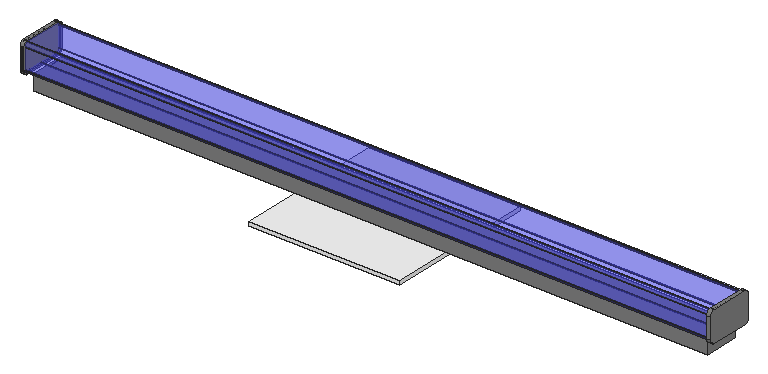
Revit family "BE_24117_de_DE", category Leuchten, Revit 2020
Family settings
  Basisbauteil = Fläche
  Bemaßung runder Anschluss = Durchmesser verwenden
  Teiletyp = Normal
  Beim Laden mit Abzugskörper schneiden = Ja
  Lichtquelle = Ja
  Gemeinsam genutzt = Nein
  Raumberechnungspunkt = Ja
Parameters (values of type "BEGA_24117_Grafit_K4")
  built-in parameter 1150104 = 19.788 (stored number, unit not read)
  Wattage = 44.8 W
  Default Elevation = 0 mm
  built-in parameter 1150113 = 1 (stored number, unit not read)
  built-in parameter 1114218 = 1 (stored number, unit not read)
  Umgebungstemperatur = "25 °C"
  URL = "https://www.bega.com/de/produkt/24117"
  Typenkommentare = "© 2022 BEGA. Wir behalten uns das Recht vor, technische Änderungen ohne vorherige Ankündigung vorzunehmen."  # constant formula
  Type Image = 24117.png
  built-in parameter 1150134 = 12
  built-in parameter 1150109 = 1 (stored number, unit not read)
  Strom = ""
  built-in parameter 1150110 = 1 (stored number, unit not read)
  Spannung = 239.996 V
  Sonderanfertigung = no
  Seriennummer [instance] = "Hier können Sie die eindeutige Seriennummer für das Facility Management eintragen."
  Schutzklasse = "I"
  Schutzart = "IP 65"
  Scheinlast = 0 VA
  Produktdatenblatt = "https://cdn.bega.com/bega/products/24117K3/current/documents/data-sheets/de"
  Oberflächentemperatur = ""
  Neigungswinkel = 0.00°
  Modell = "24117K4"
  Material_17 = BEGA_Reflektor
  Material_15 = BEGA_Leuchtmedium_matt
  Material_11 = BEGA_Glas_opal
  Material_09 = BEGA_Glas_klar
  Material_06 = BEGA_Oberfläche_Edelstahl_gebürstet
  Material_03 = BEGA_Oberfläche_Weiss_matt
  Material_02 = BEGA_Oberfläche_Silber_matt
  Material_01 [instance] = BEGA_Oberfläche_Grafit_matt
  M_W = no
  M_G = yes
  M_A = no
  Logo = 0
  built-in parameter 1114217 = 1 (stored number, unit not read)
  built-in parameter 1150139 = (empty or 0)
  built-in parameter 1150105 = 759.36 (stored number, unit not read)
  built-in parameter 1150114 = 1 (stored number, unit not read)
  Lumens = 9542.4 lm
  built-in parameter 1150115 = 1 (stored number, unit not read)
  Leuchtenlichtstrom = "7710 lm"
  Leuchtenanzahl = ""
  Lebensdauerkriterien = "L70B50 @ 25 °C = 200000 h"
  Lastklassifizierung = Beleuchtung
  built-in parameter 1150112 = 1 (stored number, unit not read)
  Lampenlichtstrom = "9540 lm"
  Lampe = "LED 44.4 W"
  LED_Modulbezeichnung = "8x LED-0894/840 + 4x LED-0900/840"
  Hersteller = "BEGA"  # constant formula
  Halbstreuwinkel = ""
  Gewicht = "10.65 kg"
  Gebrauchslageneinschränkung [instance] = ""
  Frequenz = "0/50-60 Hz"
  Farbwiedergabeindex = "CRI > 80"
  Farbtemperaturverschiebung bei Dämpfen der Lampe = <Keine Auswahl>
  Farbtemperatur = "4000 K"
  Color Filter = 16777215
  built-in parameter 1150133 = 10 (stored number, unit not read)
  Energieeffizienzklasse = "LED A++ - A"
  built-in parameter 1150137 = (empty or 0)
  built-in parameter 1150132 = (empty or 0)
  ENEC = "ja"
  Dimmbar [instance] = "DALI"
  Datei für fotometrisches Netz = "BE_24117K4.IES"
  CE_Konformität = "ja"
  Bestellnummer = "24117K4"
  Beschreibung_Sonderanfertigung = "Hier können Sie Informationen zur Sonderanfertigung eintragen."
  Beschreibung = "Decken- und Wandleuchte"
  built-in parameter 1150106 = 7.5936 (stored number, unit not read)
  Befestigungsbohrung = "Ø 7 mm"
  Befestigungsabstand = "1200 mm"
  Ballwurfsicher = ""
  BEGA_Intern_aus = yes
  BEGA_Intern_an = yes
  BEGA_Intern_Konstruktion = yes
  BEGA_Intern = yes
  BEGA_IES = yes
  BEGA_Dummy = no
  Anschlussleitung = ""
  Anschlussleistung [instance] = "55 W"
  built-in parameter 1150107 = 4000 (stored number, unit not read)
  built-in parameter 1150102 = (empty or 0)
  built-in parameter 1150138 = (empty or 0)
  Aktualisierung = "2022-05-18T04:00:07"
  Abstand_zur_angestrahlten_Fläche [instance] = ""
  AC/DC = "AC/DC"
Types (2, lengths in mm): name | built-in parameter 1150104 | built-in parameter 1150134 | Modell | built-in parameter 1150105 | Lumens | Leuchtenlichtstrom | Lampenlichtstrom | LED_Modulbezeichnung | Farbtemperatur | Datei für fotometrisches Netz | Bestellnummer | built-in parameter 1150106 | built-in parameter 1150107
  BEGA_24117_Grafit_K4 | 19.788 (stored number, unit not read) | 12 | "24117K4" | 759.36 (stored number, unit not read) | 9542.4 lm | "7710 lm" | "9540 lm" | "8x LED-0894/840 + 4x LED-0900/840" | "4000 K" | "BE_24117K4.IES" | "24117K4" | 7.5936 (stored number, unit not read) | 4000 (stored number, unit not read)
  BEGA_24117_Grafit_K3 | 19.24 (stored number, unit not read) | (empty or 0) | "24117K3" | 738.33 (stored number, unit not read) | 9278.08 lm | "7500 lm" | "9280 lm" | "8x LED-0894/830 + 4x LED-0900/830" | "3000 K" | "BE_24117K3.IES" | "24117K3" | 7.3833 (stored number, unit not read) | 3000 (stored number, unit not read)
Reference planes
  plane 1 "Mitte (Vorne/Hinten)": y = 0
  plane 2: z = 0
  plane 3 "Mitte (Links/Rechts)": x = 0
  plane 4 "Links": x = -917.5
  plane 5 "Rechts": x = 917.5
  plane 6 "Unten": y = -62.5
  plane 7 "Oben": y = 62.5
  plane 8 "Vorne": z = 117.6
  plane 9 "Hinten": z = 0
Forms (mm)
  Extrusion 1, solid, material "BEGA_Platte_Weiss"
    sketch origin (0, -1119.2, 0) x (1, 0, 0) y (0, 1, 0)
      loop
        line (-200, 1319.2) -> (-200, 919.2) -> (200, 919.2) -> (200, 1319.2) -> (-200, 1319.2)
    from 0 to -10
  Extrusion 2, solid, material "BEGA_Dummy_matt", visible <- "BEGA_Dummy"
    sketch origin (80.095, -76.023, 0) x (1, 0, 0) y (0, 1, 0)
      loop
        line (-997.595, 138.523) -> (-997.595, 13.523) -> (837.405, 13.523) -> (837.405, 138.523) -> (-997.595, 138.523)
    from 0 to 117.6
Dimensions and locks
  plane 1 "Mitte (Vorne/Hinten)" to Extrusion 1 = 200 mm
  aligned and locked: plane 2 to Extrusion 1
  aligned and locked: level to Extrusion 1
  aligned and locked: nested 1 to plane 5 "Rechts"
  aligned and locked: plane 4 "Links" to nested 1
  aligned and locked: plane 9 "Hinten" to nested 1
  aligned and locked: nested 1 to plane 8 "Vorne"
  aligned and locked: Extrusion 2 to nested 1  (x2)
  aligned and locked: Extrusion 2 to plane 5 "Rechts"
  aligned and locked: Extrusion 2 to level
  aligned and locked: plane 8 "Vorne" to Extrusion 2
  aligned and locked: nested 1 to plane 6 "Unten"
  aligned and locked: nested 1 to plane 7 "Oben"
  aligned and locked: nested 1 to Extrusion 2
Nested families
  nested 1: "BE_24117" at (0, 0, 0), type "BE_24117"
Connectors
  electrical at (0, 0, 0), driven by "Lastklassifizierung", driven by "Spannung", driven by "Scheinlast"
    settings: index 1, voltage 239.996 V, apparent load 0 VA, apparent load phase1 0 VA, apparent load phase2 0 VA, apparent load phase3 0 VA, power factor 1, load classification "Beleuchtung", number of poles 1, system type 31, power factor state 1, is connector primary yes, connector utility no, sub classification motor no, connector description ""
Definition of nested family "BE_24117"
  Parameters (values of type "BE_24117")
    Default Elevation = 1 mm
    URL = "http://www.bega.de/de/produkt"
    Type Comments = "© 2015 BEGA. Wir behalten uns das Recht vor, technische Änderungen ohne vorherige Ankündigung vorzunehmen. "  # constant formula
    Type Image = (empty or 0)
    Neigungswinkel_um_Z2 = 0.00°
    Neigungswinkel_um_Z1 = 0.00°
    Neigungswinkel_um_Y2 = 0.00°
    Neigungswinkel_um_Y1 = 0.00°
    Neigungswinkel_um_X2 = 0.00°
    Neigungswinkel_um_X1 = 0.00°
    Material_17 = none
    Material_15 = none
    Material_11 = none
    Material_09 = none
    Material_06 = none
    Material_02 = none
    Material_01 = none
    M_W = yes
    M_G = yes
    M_A = yes
    Länge_Platte = 200 mm  # constant formula
    Höhe_Platte = -10 mm  # constant formula
    Manufacturer = "BEGA"  # constant formula
    Drehwinkel_um_Z2 = 0.00°
    Drehwinkel_um_Z1 = 0.00°
    Breite_Platte = 200 mm  # constant formula
  Reference planes
    plane 1 "Mitte (Oben/Unten)": y = 0
    plane 2: z = 0
    plane 3 "Mitte (Links/Rechts)": x = 0
    plane 4 "Hinten": z = -25
    plane 5 "Oben": y = 62.5
    plane 6 "Unten": y = -62.5
    plane 7: z = 117.6
    plane 8: x = 917.5
    plane 9: x = -917.5
  Forms (mm)
    Extrusion 1, solid, detail levels medium
      sketch origin (0, 0, 0) x (1, 0, 0) y (0, 1, 0)
        loop
          line (-100, 100) -> (-100, -100) -> (100, -100) -> (100, 100) -> (-100, 100)
      from 0 to -10 <- "Höhe_Platte"
    Extrusion 2, solid, material <- "Material_11"
      sketch origin (0, 0, 0) x (0, 1, 0) y (0, 0, 1)
        loop
          arc (57, 105.1) -> (54.929, 110.07) -> (49.942, 112.1) r 7
          line (49.942, 112.1) -> (-50, 112.1)
          arc (-50, 112.1) -> (-54.95, 110.05) -> (-57, 105.1) r 7
          line (-57, 105.1) -> (-57, 50.1)
          arc (-57, 50.1) -> (-54.95, 45.15) -> (-50, 43.1) r 7
          line (-50, 43.1) -> (-2.347, 43.1) -> (50, 43.1)
          arc (50, 43.1) -> (54.95, 45.179) -> (57, 50.129) r 7
          line (57, 50.129) -> (57, 105.1)
        loop
          arc (60, 105.1) -> (57.071, 112.171) -> (50, 115.1) r 10
          line (50, 115.1) -> (-50, 115.1)
          arc (-50, 115.1) -> (-57.071, 112.171) -> (-60, 105.1) r 10
          line (-60, 105.1) -> (-60, 50.1)
          arc (-60, 50.1) -> (-57.071, 43.029) -> (-50, 40.1) r 10
          line (-50, 40.1) -> (-1.474, 40.1) -> (50, 40.1)
          arc (50, 40.1) -> (57.071, 43.029) -> (60, 50.1) r 10
          line (60, 50.1) -> (60, 105.1)
      from -914.081 to 913.754
    Extrusion 3, solid, material <- "Material_01"
      sketch origin (0, 0, 0) x (0, 1, 0) y (0, 0, 1)
        loop
          line (45, 40) -> (41.347, 40) -> (-44.988, 40) -> (-45, 0) -> (45, 0) -> (45, 40)
        loop
          line (41, 37.5) -> (36, 37.5) -> (36, 35) -> (33.5, 35) -> (33.5, 32.5) -> (36, 30) -> (36, 27.5) -> (33.55, 27.5) -> (30.5, 30.55) -> (30.5, 37.5) -> (3.807, 37.5) -> (-30.5, 37.5) -> (-30.5, 30.55) -> (-33.55, 27.5) -> (-36, 27.5) -> (-36, 30) -> (-33.5, 32.5) -> (-33.5, 35) -> (-36, 35) -> (-36, 37.5) -> (-41, 37.5) -> (-41, 3) -> (4.481, 3) -> (41, 3) -> (41, 37.5)
      from -892.5 to 892.5
    Extrusion 4, solid, material <- "Material_01"
      sketch origin (444, 0, 0) x (0, 1, 0) y (0, 0, 1)
        loop
          line (45, 40) -> (-45, 40) -> (-45, 0) -> (45, 0) -> (45, 40)
      from 448.5 to 451.5
    Extrusion 5, solid, material <- "Material_01"
      sketch origin (-667.5, 0, 0) x (0, 1, 0) y (0, 0, -1)
        loop
          line (45, -40) -> (45, 0) -> (-45, 0) -> (-45, -40) -> (45, -40)
      from 225 to 228
    Extrusion 6, void
      sketch origin (0, 0, 0) x (1, 0, 0) y (0, 1, 0)
        loop
          line (605, 3.5) -> (595, 3.5)
          arc (595, 3.5) -> (591.5, 0) -> (595, -3.5) r 3.5
          line (595, -3.5) -> (605, -3.5)
          arc (605, -3.5) -> (608.5, 0) -> (605, 3.5) r 3.5
        loop
          arc (449.873, -27.5) -> (478.873, 1.5) -> (449.873, 30.5) r 29
          line (449.873, 30.5) -> (-449.823, 30.5)
          arc (-449.823, 30.5) -> (-478.823, 1.5) -> (-449.823, -27.5) r 29
          line (-449.823, -27.5) -> (449.873, -27.5)
        loop
          line (-596.45, -5) -> (-596.45, 5)
          arc (-596.45, 5) -> (-599.95, 8.5) -> (-603.45, 5) r 3.5
          line (-603.45, 5) -> (-603.45, -5)
          arc (-603.45, -5) -> (-599.95, -8.5) -> (-596.45, -5) r 3.5
      from 0 to 9.215
    Extrusion 7, solid, material <- "Material_01"
      sketch origin (-667.503, 0, 0) x (0, 1, 0) y (0, 0, 1)
        loop
          arc (62.5, 105.108) -> (58.842, 113.942) -> (50.008, 117.6) r 12.489
          line (50.008, 117.6) -> (-50.008, 117.6)
          arc (-50.008, 117.6) -> (-58.842, 113.942) -> (-62.5, 105.108) r 12.489
          line (-62.5, 105.108) -> (-62.5, 50.092)
          arc (-62.5, 50.092) -> (-58.842, 41.258) -> (-50.008, 37.6) r 12.489
          line (-50.008, 37.6) -> (0.132, 37.6) -> (50.008, 37.6)
          arc (50.008, 37.6) -> (58.842, 41.258) -> (62.5, 50.092) r 12.489
          line (62.5, 50.092) -> (62.5, 105.108)
      from -249.997 to -239.903
    Extrusion 8, void
      sketch origin (0, 0, 0) x (0, 1, 0) y (0, 0, 1)
        loop
          line (49.996, 115.89) -> (-49.996, 115.89)
          arc (-49.996, 115.89) -> (-57.629, 112.729) -> (-60.789, 105.096) r 10.79
          line (-60.789, 105.096) -> (-60.79, 50.104)
          arc (-60.79, 50.104) -> (-57.629, 42.471) -> (-49.996, 39.31) r 10.79
          line (-49.996, 39.31) -> (0.836, 39.31) -> (49.996, 39.31)
          arc (49.996, 39.31) -> (57.629, 42.471) -> (60.79, 50.104) r 10.79
          line (60.79, 50.104) -> (60.79, 105.096)
          arc (60.79, 105.096) -> (57.629, 112.729) -> (49.996, 115.89) r 10.79
      from -914.081 to -904.267
    Extrusion 9, solid, material <- "Material_01"
      sketch origin (443.943, 0, 0.011) x (0, 1, 0) y (0, 0, -1)
        loop
          line (62.5, -105.108) -> (62.5, -50.092)
          arc (62.5, -50.092) -> (58.842, -41.258) -> (50.008, -37.6) r 12.489
          line (50.008, -37.6) -> (0.132, -37.6) -> (-50.008, -37.6)
          arc (-50.008, -37.6) -> (-58.842, -41.258) -> (-62.5, -50.092) r 12.489
          line (-62.5, -50.092) -> (-62.5, -105.108)
          arc (-62.5, -105.108) -> (-58.842, -113.942) -> (-50.008, -117.6) r 12.489
          line (-50.008, -117.6) -> (50.008, -117.6)
          arc (50.008, -117.6) -> (58.842, -113.942) -> (62.5, -105.108) r 12.489
      from -473.557 to -463.557
    Extrusion 10, void
      sketch origin (0, 0, 0) x (0, 1, 0) y (0, 0, -1)
        loop
          arc (49.996, -115.89) -> (57.629, -112.729) -> (60.79, -105.096) r 10.79
          line (60.79, -105.096) -> (60.79, -50.104)
          arc (60.79, -50.104) -> (57.629, -42.471) -> (49.996, -39.31) r 10.79
          line (49.996, -39.31) -> (0.836, -39.31) -> (-49.996, -39.31)
          arc (-49.996, -39.31) -> (-57.629, -42.471) -> (-60.79, -50.104) r 10.79
          line (-60.79, -50.104) -> (-60.789, -105.096)
          arc (-60.789, -105.096) -> (-57.629, -112.729) -> (-49.996, -115.89) r 10.79
          line (-49.996, -115.89) -> (49.996, -115.89)
      from -913.754 to -900.912
  Cuts and joins
    Extrusion 6, Extrusion 8 cuts Extrusion 3
    Extrusion 6, Extrusion 8 cuts Extrusion 4
    Extrusion 6, Extrusion 8 cuts Extrusion 5
    joined: Extrusion 3, Extrusion 4, Extrusion 5
    Extrusion 6 cuts Extrusion 2
    Extrusion 8 cuts Extrusion 7
    Extrusion 10 cuts Extrusion 9
  Dimensions and locks
    equal spacing: Extrusion 1 sketch curve, plane 3 "Mitte (Links/Rechts)", Extrusion 1 sketch curve
    equal spacing: Extrusion 1 sketch curve, plane 1 "Mitte (Oben/Unten)", Extrusion 1 sketch curve
    "Länge_Platte": Extrusion 1 sketch curve to Extrusion 1 sketch curve
    "Breite_Platte": Extrusion 1 sketch curve to Extrusion 1 sketch curve
    plane 8 to cut or joined group of Extrusion 2, Extrusion 6 = 3.746 mm
    plane 9 to cut or joined group of Extrusion 2, Extrusion 6 = 3.419 mm
    aligned and locked: plane 2 to Extrusion 1
    aligned and locked: level to Extrusion 1
  Automatic sketch dimensions
    Extrusion 2 sketch curve to Extrusion 2 sketch curve = 0 mm  (x15)
    plane 1 "Mitte (Oben/Unten)" to Extrusion 2 sketch curve = 60 mm
    Extrusion 2 sketch curve to Extrusion 2 sketch curve = 3 mm  (x4)
    Extrusion 2 sketch curve to Extrusion 2 sketch curve = 7 mm  (x3)
    Extrusion 2 sketch curve to Extrusion 2 sketch curve = 10 mm
    plane 1 "Mitte (Oben/Unten)" to Extrusion 2 sketch curve = 1.474 mm
    Extrusion 2 sketch curve to plane 1 "Mitte (Oben/Unten)" = 49.942 mm
    Extrusion 2 sketch curve to plane 1 "Mitte (Oben/Unten)" = 50 mm
    Extrusion 2 sketch curve to Extrusion 2 sketch curve = 0.058 mm
    level to Extrusion 2 sketch curve = 40.1 mm
    Extrusion 2 sketch curve to Extrusion 2 sketch curve = 0.029 mm  (x2)
    Extrusion 2 sketch curve to Extrusion 2 sketch curve = 54.971 mm
    Extrusion 2 sketch curve to Extrusion 2 sketch curve = 55 mm
    plane 1 "Mitte (Oben/Unten)" to Extrusion 2 sketch curve = 2.347 mm
    Extrusion 3 sketch curve to level = 0 mm
    plane 1 "Mitte (Oben/Unten)" to Extrusion 3 sketch curve = 45 mm
    Extrusion 3 sketch curve to Extrusion 3 sketch curve = 0.013 mm
    Extrusion 3 sketch curve to Extrusion 3 sketch curve = 4 mm  (x2)
    Extrusion 3 sketch curve to Extrusion 3 sketch curve = 5 mm  (x2)
    Extrusion 3 sketch curve to Extrusion 3 sketch curve = 0 mm
    Extrusion 3 sketch curve to Extrusion 3 sketch curve = 2.45 mm  (x2)
    Extrusion 3 sketch curve to Extrusion 3 sketch curve = 2.5 mm  (x12)
    Extrusion 3 sketch curve to Extrusion 3 sketch curve = 3 mm  (x2)
    Extrusion 3 sketch curve to plane 1 "Mitte (Oben/Unten)" = 3.807 mm
    Extrusion 3 sketch curve to plane 1 "Mitte (Oben/Unten)" = 4.481 mm
    Extrusion 3 sketch curve to Extrusion 3 sketch curve = 26.693 mm
    Extrusion 3 sketch curve to Extrusion 3 sketch curve = 3.05 mm  (x3)
    Extrusion 3 sketch curve to Extrusion 3 sketch curve = 0.347 mm
    Extrusion 3 sketch curve to Extrusion 3 sketch curve = 3.653 mm
    level to Extrusion 3 sketch curve = 3 mm
    Extrusion 3 sketch curve to Extrusion 3 sketch curve = 24.5 mm  (x2)
    Extrusion 4 sketch curve to level = 0 mm
    plane 1 "Mitte (Oben/Unten)" to Extrusion 4 sketch curve = 45 mm
    Extrusion 4 sketch curve to plane 1 "Mitte (Oben/Unten)" = 45 mm
    Extrusion 4 sketch curve to Extrusion 4 sketch curve = 40 mm
    Extrusion 5 sketch curve to level = 0 mm
    plane 1 "Mitte (Oben/Unten)" to Extrusion 5 sketch curve = 45 mm
    Extrusion 5 sketch curve to plane 1 "Mitte (Oben/Unten)" = 45 mm
    Extrusion 5 sketch curve to Extrusion 5 sketch curve = 40 mm
    plane 1 "Mitte (Oben/Unten)" to Extrusion 7 sketch curve = 50.011 mm  (x2)
    Extrusion 7 sketch curve to plane 1 "Mitte (Oben/Unten)" = 0.132 mm
    Extrusion 7 sketch curve to plane 1 "Mitte (Oben/Unten)" = 50.011 mm  (x2)
    level to Extrusion 7 sketch curve = 37.6 mm
    Extrusion 7 sketch curve to Extrusion 7 sketch curve = 12.489 mm  (x6)
    Extrusion 7 sketch curve to Extrusion 7 sketch curve = 55.022 mm  (x2)
    Extrusion 7 sketch curve to Extrusion 7 sketch curve = 0 mm  (x13)
    Extrusion 7 sketch curve to Extrusion 7 sketch curve = 0.003 mm  (x6)
    plane 1 "Mitte (Oben/Unten)" to Extrusion 8 sketch curve = 49.999 mm  (x2)
    Extrusion 8 sketch curve to plane 1 "Mitte (Oben/Unten)" = 0.836 mm
    Extrusion 8 sketch curve to plane 1 "Mitte (Oben/Unten)" = 49.999 mm  (x2)
    level to Extrusion 8 sketch curve = 39.31 mm
    Extrusion 8 sketch curve to Extrusion 8 sketch curve = 10.79 mm  (x6)
    Extrusion 8 sketch curve to Extrusion 8 sketch curve = 54.999 mm  (x2)
    Extrusion 8 sketch curve to Extrusion 8 sketch curve = 0 mm  (x13)
    Extrusion 8 sketch curve to Extrusion 8 sketch curve = 0.003 mm  (x6)
    plane 1 "Mitte (Oben/Unten)" to Extrusion 9 sketch curve = 50.011 mm  (x2)
    Extrusion 9 sketch curve to plane 1 "Mitte (Oben/Unten)" = 0.132 mm
    Extrusion 9 sketch curve to plane 1 "Mitte (Oben/Unten)" = 50.011 mm  (x2)
    level to Extrusion 9 sketch curve = 50.1 mm  (x2)
    level to Extrusion 9 sketch curve = 37.611 mm
    Extrusion 9 sketch curve to Extrusion 9 sketch curve = 12.489 mm  (x6)
    Extrusion 9 sketch curve to Extrusion 9 sketch curve = 0 mm  (x11)
    Extrusion 9 sketch curve to Extrusion 9 sketch curve = 0.003 mm  (x6)
    plane 1 "Mitte (Oben/Unten)" to Extrusion 10 sketch curve = 49.999 mm  (x2)
    Extrusion 10 sketch curve to plane 1 "Mitte (Oben/Unten)" = 0.836 mm
    Extrusion 10 sketch curve to plane 1 "Mitte (Oben/Unten)" = 49.999 mm  (x2)
    level to Extrusion 10 sketch curve = 50.101 mm  (x2)
    level to Extrusion 10 sketch curve = 39.31 mm
    Extrusion 10 sketch curve to Extrusion 10 sketch curve = 10.79 mm  (x7)
    Extrusion 10 sketch curve to Extrusion 10 sketch curve = 0 mm  (x11)
    Extrusion 10 sketch curve to Extrusion 10 sketch curve = 0.003 mm  (x6)
    Extrusion 9 sketch curve to Extrusion 9 sketch curve = 55.022 mm  (x2)
    Extrusion 10 sketch curve to Extrusion 10 sketch curve = 54.999 mm
    plane 1 "Mitte (Oben/Unten)" to Extrusion 6 sketch curve = 0 mm
    Extrusion 6 sketch curve to plane 1 "Mitte (Oben/Unten)" = 5 mm
    plane 9 to Extrusion 6 sketch curve = 314.05 mm
    Extrusion 6 sketch curve to Extrusion 6 sketch curve = 3.5 mm
    Extrusion 6 sketch curve to plane 1 "Mitte (Oben/Unten)" = 30.5 mm
    Extrusion 6 sketch curve to Extrusion 6 sketch curve = 146.627 mm
    plane 1 "Mitte (Oben/Unten)" to Extrusion 6 sketch curve = 27.5 mm
    Extrusion 6 sketch curve to Extrusion 6 sketch curve = 145.127 mm
    Extrusion 6 sketch curve to Extrusion 6 sketch curve = 10 mm
    plane 1 "Mitte (Oben/Unten)" to Extrusion 6 sketch curve = 5 mm
    plane 1 "Mitte (Oben/Unten)" to Extrusion 6 sketch curve = 3.5 mm
    plane 3 "Mitte (Links/Rechts)" to Extrusion 6 sketch curve = 449.873 mm
